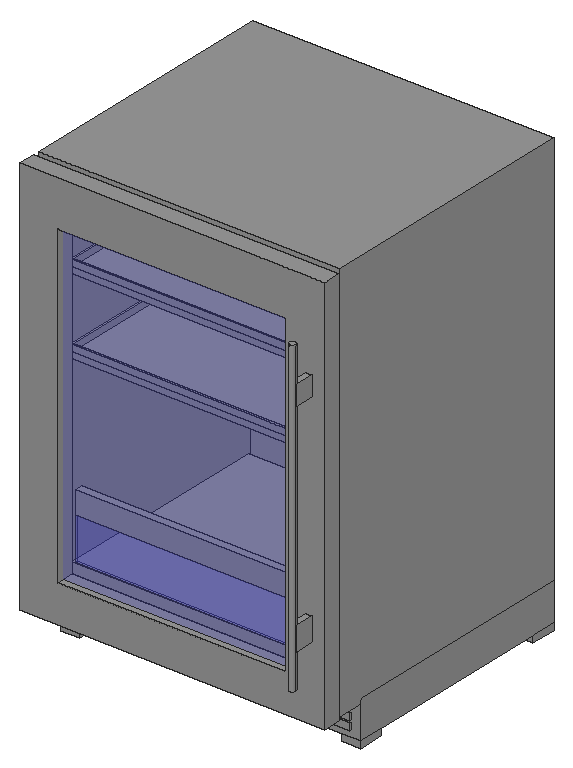
Revit family "UHBD524-SG51A", category Furniture, Revit 2017
Family settings
  OmniClass Number = 23.40.20.00
  OmniClass Title = General Furniture and Specialties
  Work Plane-Based = No
  Always vertical = Yes
  Cut with Voids When Loaded = No
  Shared = No
  Room Calculation Point = No
Parameters
  Voltage/Hz = "115/60"  # constant formula
  Shipping Wight = "153 lb"  # constant formula
  Pump = "No"  # constant formula
  Model = "UHBD524-SG51A"  # constant formula
  Manufacturer = "U-Line"  # constant formula
  Finish = "Left Hand Hinge"  # constant formula
  Door Swing = "Stainless Frame"  # constant formula
  Author = "Yepsketch"  # constant formula
Reference planes (in)
  plane 1 "Center (Front/Back)": y = 0
  plane 2: z = 0
  plane 3 "Center (Left/Right)": x = 0
  plane 4 "DOOR PLANE": y = -21.54449
Dimensions and locks (in)
  aligned and locked: level to plane 2
Nested families (in)
  nested 1: "Refrigerator_Kitchen_Uline_UHBD524-SG01A Refri" at (7.46875, -10.53125, 0), type "Refrigerator_Kitchen_uline_UHBD524"
  nested 2: "IG01A" at (16.46875, -32.07574, -0.3125) x (-1, 0, 0) z (0, 0, 1), type "IG01A"
Definition of nested family "Refrigerator_Kitchen_Uline_UHBD524-SG01A Refri"
  Parameters (values of type "Refrigerator_Kitchen_uline_UHBD524")
    URL = "https://www.u-line.com/cre524.html"
    U-Adjust interior = "17 possible positions"  # constant formula
    Type Comments = ""
    Model = "UHBD524"  # constant formula
    Manufacturer = "U-LINE"  # constant formula
    Features and specifications = "Convection colling system provides a quick cool down and consistent temperature"
    Dimensions = "33 11/16\" H x 23 5/8\" W x 22 15/16\" D"
    Description = "Refrigerator_Kitchen_Uline_UHBD524"  # constant formula
  Reference planes (in)
    plane 1 "Center (Front/Back)": y = 10.53125
    plane 2: z = 0
    plane 3 "Center (Left/Right)": x = -7.46875
  Forms (in)
    Extrusion 1, solid
      sketch origin (0.34375, 0, 3.1875) x (1, 0, 0) y (0, 1, 0)
        loop
          line (-7.8125, 10.53125) -> (-7.8125, -10.53125) -> (15.8125, -10.53125) -> (15.8125, 10.53125) -> (-7.8125, 10.53125)
      from 0 to 31.5
    Extrusion 2, solid
      sketch origin (0, 0, 0) x (1, 0, 0) y (0, 1, 0)
        loop
          line (16.15625, -8.40625) -> (16.15625, 10.53125) -> (-7.46875, 10.53125) -> (-7.46875, -8.40625) -> (16.15625, -8.40625)
      from 0.5 to 3.5
    Extrusion 3, solid
      sketch origin (0, 0, 0) x (1, 0, 0) y (0, 1, 0)
        loop
          line (-7.46875, 10.53125) -> (-7.46875, 8.53125) -> (-5.96875, 8.53125) -> (-5.96875, 10.53125) -> (-7.46875, 10.53125)
        loop
          line (14.65625, 10.53125) -> (14.65625, 8.53125) -> (16.15625, 8.53125) -> (16.15625, 10.53125) -> (14.65625, 10.53125)
        loop
          line (-7.46875, -6.40625) -> (-7.46875, -8.40625) -> (-5.96875, -8.40625) -> (-5.96875, -6.40625) -> (-7.46875, -6.40625)
        loop
          line (14.65625, -6.40625) -> (14.65625, -8.40625) -> (16.15625, -8.40625) -> (16.15625, -6.40625) -> (14.65625, -6.40625)
      from 0 to 0.5
    Extrusion 4, solid
      sketch origin (0, 10.53125, 3.25) x (1, 0, 0) y (0, 0, 1)
        loop
          line (-6.5, -0.98716) -> (-6.5, -1.55114) -> (-2.3125, -1.55114) -> (-2.3125, -0.98716) -> (-6.5, -0.98716)
        loop
          line (-2.3125, -1.73716) -> (-6.5, -1.73716) -> (-6.5, -2.30114) -> (-2.3125, -2.30114) -> (-2.3125, -1.73716)
        loop
          line (-1.875, -0.98716) -> (-1.875, -1.55114) -> (10.47762, -1.55114) -> (10.47762, -0.98716) -> (-1.875, -0.98716)
        loop
          line (-1.875, -1.73716) -> (-1.875, -2.30114) -> (10.44924, -2.30114) -> (10.44924, -1.73716) -> (-1.875, -1.73716)
        loop
          line (10.93159, -0.98716) -> (10.93159, -1.55114) -> (15.34086, -1.55114) -> (15.34086, -0.98716) -> (10.93159, -0.98716)
        loop
          line (10.95996, -1.73716) -> (10.95996, -2.30114) -> (15.34086, -2.30114) -> (15.34086, -1.73716) -> (10.95996, -1.73716)
      from 16.17207 to 18.97609
    Extrusion 5, solid
      sketch origin (0.34375, 0, 0) x (1, 0, 0) y (0, 1, 0)
        loop
          line (-5.3125, 6.96875) -> (-5.3125, -10.40625) -> (13.625, -10.40625) -> (13.625, 6.96875) -> (-5.3125, 6.96875)
      from 3.90774 to 6.60066
    Extrusion 6, solid
      sketch origin (4.375, 10.53125, 0) x (1, 0, 0) y (0, 0, 1)
        loop
          line (-3.55651, 5.69886) -> (-3.55651, 4.50748) -> (3.44349, 4.50748) -> (3.44349, 5.69886) -> (-3.55651, 5.69886)
      from 20.9375 to 21.0625
    Extrusion 7, solid
      sketch origin (0, 10.53125, 3.5) x (1, 0, 0) y (0, 0, 1)
        loop
          line (-7.05651, 30.5) -> (-7.05651, 0.40774) -> (15.86283, 0.40774) -> (15.86283, 30.5) -> (-7.05651, 30.5)
        loop
          line (15.34086, 0.90774) -> (15.34086, 30) -> (-6.55651, 30) -> (-6.55651, 0.90774) -> (15.34086, 0.90774)
      from 21.0625 to 21.54449
    Extrusion 8, void
      sketch origin (0, 10.53125, 0) x (1, 0, 0) y (0, 0, 1)
        loop
          line (-7.05651, 34) -> (-7.05651, 3.90774) -> (15.86283, 3.90774) -> (15.86283, 34) -> (-7.05651, 34)
      from 0.83921 to 22.66396
    Extrusion 9, solid
      sketch origin (0.34375, 0, 13) x (1, 0, 0) y (0, 1, 0)
        loop
          line (-5.3125, 6.96875) -> (-5.3125, -10.53125) -> (13.625, -10.53125) -> (13.625, 6.96875) -> (-5.3125, 6.96875)
      from 17 to 17.5
    Extrusion 10, solid
      sketch origin (0.34375, 0, 13) x (1, 0, 0) y (0, 1, 0)
        loop
          line (-5.3125, 6.96875) -> (-5.3125, -10.53125) -> (13.625, -10.53125) -> (13.625, 6.96875) -> (-5.3125, 6.96875)
        loop
          line (-5.1875, -10.40625) -> (13.5, -10.40625) -> (13.5, 6.84375) -> (-5.1875, 6.84375) -> (-5.1875, -10.40625)
      from 17.5 to 18
    Extrusion 11, solid
      sketch origin (0.34375, 0, 10) x (1, 0, 0) y (0, 1, 0)
        loop
          line (-5.3125, 6.96875) -> (-5.3125, -10.53125) -> (13.625, -10.53125) -> (13.625, 6.96875) -> (-5.3125, 6.96875)
      from 17 to 17.5
    Extrusion 12, solid
      sketch origin (0.34375, 0, 10) x (1, 0, 0) y (0, 1, 0)
        loop
          line (-5.3125, 6.96875) -> (-5.3125, -10.53125) -> (13.625, -10.53125) -> (13.625, 6.96875) -> (-5.3125, 6.96875)
        loop
          line (-5.1875, -10.40625) -> (13.5, -10.40625) -> (13.5, 6.84375) -> (-5.1875, 6.84375) -> (-5.1875, -10.40625)
      from 17.5 to 18
    Extrusion 13, solid
      sketch origin (0.34375, 0, 4) x (1, 0, 0) y (0, 1, 0)
        loop
          line (-5.3125, 6.96875) -> (-5.3125, -10.53125) -> (13.625, -10.53125) -> (13.625, 6.96875) -> (-5.3125, 6.96875)
      from 17 to 17.5
    Extrusion 14, solid
      sketch origin (0.34375, 0, 4) x (1, 0, 0) y (0, 1, 0)
        loop
          line (-5.3125, 6.96875) -> (-5.3125, -10.53125) -> (13.625, -10.53125) -> (13.625, 6.96875) -> (-5.3125, 6.96875)
        loop
          line (-5.1875, -10.40625) -> (13.5, -10.40625) -> (13.5, 6.84375) -> (-5.1875, 6.84375) -> (-5.1875, -10.40625)
      from 17.5 to 18
    Extrusion 15, solid
      sketch origin (0, 10.53125, 0) x (1, 0, 0) y (0, 0, 1)
        loop
          line (-4.6828, 11.76113) -> (-4.6828, 10.01113) -> (13.3172, 10.01113) -> (13.3172, 11.76113) -> (-4.6828, 11.76113)
      from 20.32185 to 20.9375
    Extrusion 16, solid
      sketch origin (0, 10.53125, -1.75) x (1, 0, 0) y (0, 0, 1)
        loop
          line (-4.6828, 11.76113) -> (-4.6828, 8.35066) -> (13.3172, 8.35066) -> (13.3172, 11.76113) -> (-4.6828, 11.76113)
      from 20.75186 to 20.9375
  Cuts and joins
    Extrusion 8 cuts Extrusion 1
  Lines and regions (in)
    reference lines, not visible
      curve 1: line (-6.71875, 0, -0.625) -> (-4.71875, 0, -0.625)
      curve 2: line (-6.71875, 0, -0.875) -> (-6.71875, 0, -0.625)
      curve 3: line (-4.71875, 0, -0.875) -> (-6.71875, 0, -0.875)
      curve 4: line (-4.71875, 0, -0.625) -> (-4.71875, 0, -0.875)
      curve 8: line (-3.71875, 0, -0.93898) -> (-6.71875, 0, -0.93898)
    model lines, not visible
      curve 5: line (-6.71875, 0, -0.375) -> (-3.71875, 0, -0.375)
      curve 6: line (-6.71875, 0, -1.125) -> (-6.71875, 0, -0.375)
      curve 7: line (-3.71875, 0, -0.375) -> (-3.71875, 0, -0.93898)
  Dimensions and locks (in)
    aligned and locked: level to plane 2
Definition of nested family "IG01A"
  Parameters (values of type "IG01A")
    URL = ""
    Type Comments = ""
    Model = "IG01A"  # constant formula
    Manufacturer = "U-LINE"  # constant formula
    Description = "DOOR IG01A"
    Default Elevation = 48"
  Reference planes (in)
    plane 1 "Center (Front/Back)": y = 10.53125
    plane 2: z = 0
    plane 3 "Center (Left/Right)": x = -7.46875
  Forms (in)
    Extrusion 1, solid
      sketch origin (0, 21.5625, 0) x (1, 0, 0) y (0, 1, 0)
        loop
          circle (-6.25, -14.03125) r 0.25
      from 6.60066 to 30.9691
    Extrusion 2, solid
      sketch origin (0, 21.5625, 0) x (1, 0, 0) y (0, 1, 0)
        loop
          line (-6, -14.03125) -> (-6, -12.40625) -> (-6.5, -12.40625) -> (-6.5, -14.03125)
          arc (-6.5, -14.03125) -> (-6.25, -13.78125) -> (-6, -14.03125) r 0.25
      from 26.59683 to 28.13505
    Extrusion 3, solid
      sketch origin (0, 21.5625, 0) x (1, 0, 0) y (0, 1, 0)
        loop
          line (-6, -14.03125) -> (-6, -12.40625) -> (-6.5, -12.40625) -> (-6.5, -14.03125)
          arc (-6.5, -14.03125) -> (-6.25, -13.78125) -> (-6, -14.03125) r 0.25
      from 9.30577 to 11.15234
    Extrusion 4, solid
      sketch origin (0, 10.53125, 3.5) x (1, 0, 0) y (0, 0, 1)
        loop
          line (-7.46875, 31.5) -> (-7.46875, 0) -> (16.46875, 0) -> (16.46875, 31.5) -> (-7.46875, 31.5)
        loop
          line (-4.46875, 27.92231) -> (-4.46875, 3) -> (13.46875, 3) -> (13.46875, 27.92231) -> (-4.46875, 27.92231)
      from 0 to 1.375
    Extrusion 5, solid
      sketch origin (0, 10.53125, 0) x (1, 0, 0) y (0, 0, 1)
        loop
          line (-4.46875, 31.42231) -> (-4.46875, 6.5) -> (13.46875, 6.5) -> (13.46875, 31.42231) -> (-4.46875, 31.42231)
      from 0 to 0.93517
  Lines and regions (in)
    reference lines, not visible
      curve 1: line (-6.71875, 0, -0.625) -> (-4.71875, 0, -0.625)
      curve 2: line (-6.71875, 0, -0.875) -> (-6.71875, 0, -0.625)
      curve 3: line (-4.71875, 0, -0.875) -> (-6.71875, 0, -0.875)
      curve 4: line (-4.71875, 0, -0.625) -> (-4.71875, 0, -0.875)
      curve 8: line (-3.71875, 0, -0.93898) -> (-6.71875, 0, -0.93898)
    model lines, not visible
      curve 5: line (-6.71875, 0, -0.375) -> (-3.71875, 0, -0.375)
      curve 6: line (-6.71875, 0, -1.125) -> (-6.71875, 0, -0.375)
      curve 7: line (-3.71875, 0, -0.375) -> (-3.71875, 0, -0.93898)
  Dimensions and locks (in)
    aligned and locked: level to plane 2
